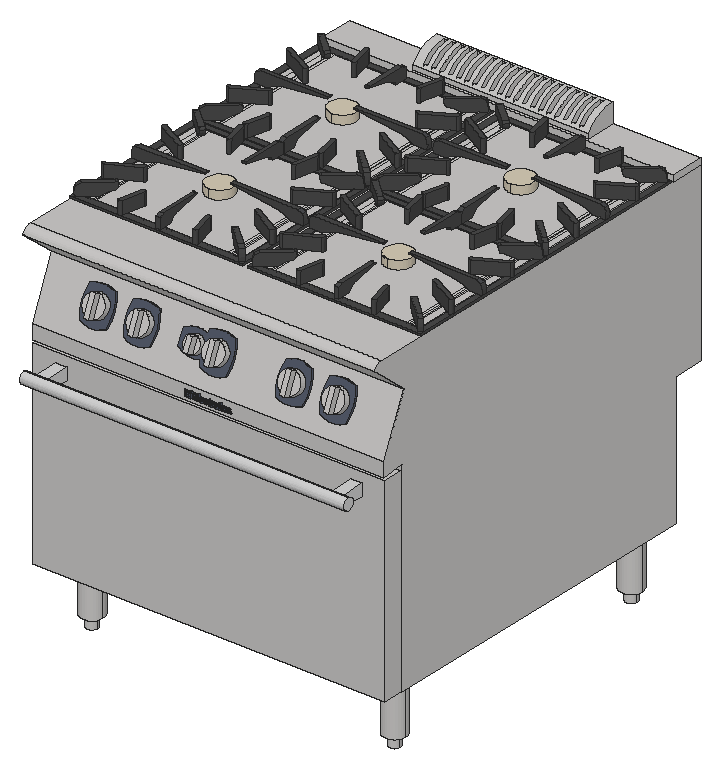
Revit family "QF_ELECTROLUXPROFESSIONAL_391007_E9GCGH4CVL", category Specialty Equipment, Revit 2018
Family settings
  Round Connector Dimension = Use Diameter
  Part Type = Normal
  Work Plane-Based = No
  Always vertical = Yes
  Cut with Voids When Loaded = No
  Shared = No
  Room Calculation Point = No
Parameters
  Weight in Pounds = 115
  Watts = 0 W
  Volts = 230 V
  URL Cutsheet = "www.electrolux.com"
  URL = "www.electrolux.com"
  Type Mark [instance] = ""
  Status [instance] = ""
  Specification by User [instance] = ""
  Specification by Manufacturer = ""
  Show Logo [instance] = yes
  Show Clearance [instance] = yes
  Serial Number = ""
  Seismic Rating = ""
  SMACNA No = ""
  Revision Code [instance] = ""
  Phase = 1
  Omniclass Number and Title = ""
  Number of Poles [instance] = 1
  NAFEM Spec ID Number = ""
  Model = "391007"
  Min Ckt Ampacity = 0 A
  Mechanical Remarks [instance] = ""
  Mechanical Connection Type [instance] = ""
  Max Overcurrent Protection = 0 A
  Masterspec = ""
  Manufacturer = "ELECTROLUX"
  Item Number [instance] = ""
  Installed By [instance] = ""
  Identify Quantity as Lot [instance] = yes
  HP = "0.3 HP"
  Gas Size = 1/2"
  Gas RI Height [instance] = 0 mm
  Gas KW [instance] = 34.5
  Gas Input [instance] = 117611.0 Btu/h
  Gas Connection Height = 0 mm
  Furnished By [instance] = ""
  Foodservice Equipment Identifier [instance] = yes
  FL Amps = Watts / Volts  # 0 A
  Electrical Remarks [instance] = ""
  Electric Connection Type [instance] = ""
  Elec Conn RI Height [instance] = 0 mm
  Elec Conn Connection Height [instance] = 0 mm
  Direct Waste Size = 0"
  Description = "900XP 4 GAS BURNERS 6kW ON CONVECTION OVEN"
  Cycle = 50 Hz
  Conn Plug = ""
  Conn Conduit = yes
  CSI MasterFormat = ""
  CSI Master Format = ""
  Apparent Power = if(Phase = 3, Volts * FL Amps * 1.73, Volts * FL Amps)  # 0 VA
Reference planes
  plane 1 "BACK": y = 0
  plane 2: z = 0
  plane 3 "LEFT": x = 0
  plane 4 "RIGHT": x = 800.1
  plane 5 "FRONT": y = -930.275
  plane 6 "TOP": z = 908.05
  plane 7 "Center Y": x = 400.05
  plane 8 "Center X": y = -465.137
  plane 9: z = 150
  plane 10: z = 1397
  plane 11: y = -80.962
  plane 12: z = 850
  plane 13: y = -128
  plane 14: y = -802
  plane 15: y = -1306
  plane 16: y = -900
  plane 17: x = 552.1
  plane 18: x = 757.1
  plane 19: x = 56
  plane 20: x = 744.1
Forms (mm)
  Extrusion 1, solid, material "QF_Finishes_Stainless Steel"
    sketch origin (0, 0, 0) x (0, 1, 0) y (0, 0, 1)
      loop
        line (0, 450.037) -> (0, 850) -> (-908.015, 850)
        arc (-908.015, 850) -> (-920.592, 845.932) -> (-928.404, 835.268) r 21.476
        line (-928.404, 835.268) -> (-846.681, 765.933) -> (-902.478, 640.576) -> (-902.478, 609.279) -> (-855.054, 613.975)
        arc (-855.054, 613.975) -> (-852.529, 613.227) -> (-851.437, 610.831) r 3.175
        line (-851.437, 610.831) -> (-851.437, 150) -> (-71.438, 150) -> (-71.438, 450.037) -> (0, 450.037)
    from 0 to 800.1
  Extrusion 2, solid, material "QF_Finishes_Stainless Steel"
    sketch origin (0, 0, 0) x (0, 1, 0) y (0, 0, 1)
      loop
        line (0, 850) -> (0, 864.288) -> (-76.2, 864.288) -> (-76.2, 850) -> (0, 850)
    from 0 to 800.1
  Extrusion 3, void
    sketch origin (-65.011, 0, 865.138) x (-1, 0, 0) y (0, -1, 0)
      loop
        line (-295.005, 6.761) -> (-285.709, 6.761) -> (-285.709, 63.911) -> (-295.005, 63.911) -> (-295.005, 6.761)
      loop
        line (-313.697, 6.761) -> (-304.401, 6.761) -> (-304.401, 63.911) -> (-313.697, 63.911) -> (-313.697, 6.761)
      loop
        line (-332.39, 6.761) -> (-323.094, 6.761) -> (-323.094, 63.911) -> (-332.39, 63.911) -> (-332.39, 6.761)
      loop
        line (-351.082, 6.761) -> (-341.787, 6.761) -> (-341.787, 63.911) -> (-351.082, 63.911) -> (-351.082, 6.761)
      loop
        line (-369.775, 6.761) -> (-360.479, 6.761) -> (-360.479, 63.911) -> (-369.775, 63.911) -> (-369.775, 6.761)
      loop
        line (-388.468, 6.761) -> (-379.172, 6.761) -> (-379.172, 63.911) -> (-388.468, 63.911) -> (-388.468, 6.761)
      loop
        line (-407.16, 6.761) -> (-397.864, 6.761) -> (-397.864, 63.911) -> (-407.16, 63.911) -> (-407.16, 6.761)
      loop
        line (-425.853, 6.761) -> (-416.557, 6.761) -> (-416.557, 63.911) -> (-425.853, 63.911) -> (-425.853, 6.761)
      loop
        line (-444.545, 6.761) -> (-435.25, 6.761) -> (-435.25, 63.911) -> (-444.545, 63.911) -> (-444.545, 6.761)
      loop
        line (-463.238, 6.761) -> (-453.942, 6.761) -> (-453.942, 63.911) -> (-463.238, 63.911) -> (-463.238, 6.761)
      loop
        line (-481.931, 6.761) -> (-472.635, 6.761) -> (-472.635, 63.911) -> (-481.931, 63.911) -> (-481.931, 6.761)
      loop
        line (-500.623, 6.761) -> (-491.328, 6.761) -> (-491.328, 63.911) -> (-500.623, 63.911) -> (-500.623, 6.761)
      loop
        line (-519.316, 6.761) -> (-510.02, 6.761) -> (-510.02, 63.911) -> (-519.316, 63.911) -> (-519.316, 6.761)
      loop
        line (-538.008, 6.761) -> (-528.713, 6.761) -> (-528.713, 63.911) -> (-538.008, 63.911) -> (-538.008, 6.761)
      loop
        line (-556.701, 6.761) -> (-547.405, 6.761) -> (-547.405, 63.911) -> (-556.701, 63.911) -> (-556.701, 6.761)
      loop
        line (-575.394, 6.761) -> (-566.098, 6.761) -> (-566.098, 63.911) -> (-575.394, 63.911) -> (-575.394, 6.761)
      loop
        line (-594.086, 6.761) -> (-584.791, 6.761) -> (-584.791, 63.911) -> (-594.086, 63.911) -> (-594.086, 6.761)
      loop
        line (-612.779, 6.761) -> (-603.483, 6.761) -> (-603.483, 63.911) -> (-612.779, 63.911) -> (-612.779, 6.761)
      loop
        line (-631.472, 6.761) -> (-622.176, 6.761) -> (-622.176, 63.911) -> (-631.472, 63.911) -> (-631.472, 6.761)
      loop
        line (-650.164, 6.761) -> (-640.868, 6.761) -> (-640.868, 63.911) -> (-650.164, 63.911) -> (-650.164, 6.761)
    from 9.525 to 45.348
  Extrusion 4, solid, material "QF_Finishes_Stainless Steel"
    sketch origin (400.05, 175.397, 1219.2) x (0, 1, 0) y (0, 0, 1)
      loop
        line (-175.397, -354.912) -> (-175.397, -311.2)
        arc (-175.397, -311.2) -> (-214.469, -319.821) -> (-245.247, -345.387) r 84.854
        line (-245.247, -345.387) -> (-245.247, -354.912) -> (-175.397, -354.912)
    from -200.05 to 199.95
  Extrusion 5, solid, material "QF_Finishes_Navy Blue"
    sketch origin (0, -879.281, 692.691) x (0, -0.406642, -0.913587) y (1, 0, 0)
      loop
        arc (-53.776, 198.214) -> (-18.194, 190.589) -> (17.514, 197.596) r 90.5
        arc (17.514, 197.596) -> (24.34, 226.784) -> (17.514, 255.972) r 65.817
        arc (17.514, 255.972) -> (-18.193, 262.932) -> (-53.776, 255.359) r 91.066
        arc (-53.776, 255.359) -> (-60.332, 226.786) -> (-53.776, 198.214) r 65.546
      loop
        arc (-53.776, 98.214) -> (-18.194, 90.589) -> (17.514, 97.596) r 90.5
        arc (17.514, 97.596) -> (24.34, 126.784) -> (17.514, 155.972) r 65.817
        arc (17.514, 155.972) -> (-18.193, 162.932) -> (-53.776, 155.359) r 91.066
        arc (-53.776, 155.359) -> (-60.332, 126.786) -> (-53.776, 98.214) r 65.546
      loop
        arc (-53.776, 601.786) -> (-60.332, 573.214) -> (-53.776, 544.641) r 65.546
        arc (-53.776, 544.641) -> (-18.193, 537.068) -> (17.514, 544.028) r 91.066
        arc (17.514, 544.028) -> (24.34, 573.216) -> (17.514, 602.404) r 65.817
        arc (17.514, 602.404) -> (-18.194, 609.411) -> (-53.776, 601.786) r 90.5
      loop
        arc (-53.776, 701.786) -> (-60.332, 673.214) -> (-53.776, 644.641) r 65.546
        arc (-53.776, 644.641) -> (-18.193, 637.068) -> (17.514, 644.028) r 91.066
        arc (17.514, 644.028) -> (24.34, 673.216) -> (17.514, 702.404) r 65.817
        arc (17.514, 702.404) -> (-18.194, 709.411) -> (-53.776, 701.786) r 90.5
      loop
        arc (-40.159, 316.707) -> (-21.848, 313.911) -> (-3.351, 314.901) r 90.5
        arc (-3.351, 314.901) -> (6.915, 339.94) -> (6.238, 366.994) r 65.817
        arc (6.238, 366.994) -> (11.94, 368.741) -> (17.514, 370.86) r 90.5
        arc (17.514, 370.86) -> (24.34, 400.048) -> (17.514, 429.235) r 65.817
        arc (17.514, 429.235) -> (-18.193, 436.195) -> (-53.776, 428.623) r 91.066
        arc (-53.776, 428.623) -> (-60.332, 400.05) -> (-53.776, 371.477) r 65.546
        arc (-53.776, 371.477) -> (-49.379, 369.684) -> (-44.894, 368.124) r 90.5
        arc (-44.894, 368.124) -> (-47.802, 341.929) -> (-40.159, 316.707) r 65.546
    from 0 to 3.175
  Extrusion 6, solid, material "QF_Finishes_Stainless Steel"
    sketch origin (0, -882.182, 693.982) x (0, -0.406642, -0.913587) y (1, 0, 0)
      loop
        circle (-18.131, 227.457) r 25.4
      loop
        circle (-18.131, 127.457) r 25.4
      loop
        circle (-18.131, 572.543) r 25.4
      loop
        circle (-18.131, 672.543) r 25.4
      loop
        circle (-18.131, 349.957) r 19.05
      loop
        circle (-18.131, 400.05) r 25.4
    from 0 to 12.7
  Extrusion 7, solid, material "QF_Finishes_Stainless Steel"
    sketch origin (0, -893.785, 699.146) x (0, -0.406642, -0.913587) y (1, 0, 0)
      loop
        arc (-42.863, 233.243) -> (-43.531, 227.457) -> (-42.863, 221.671) r 25.4
        line (-42.863, 221.671) -> (6.601, 221.671)
        arc (6.601, 221.671) -> (7.269, 227.457) -> (6.601, 233.243) r 25.4
        line (6.601, 233.243) -> (-42.863, 233.243)
      loop
        arc (-42.863, 133.243) -> (-43.531, 127.457) -> (-42.863, 121.671) r 25.4
        line (-42.863, 121.671) -> (6.601, 121.671)
        arc (6.601, 121.671) -> (7.269, 127.457) -> (6.601, 133.243) r 25.4
        line (6.601, 133.243) -> (-42.863, 133.243)
      loop
        arc (-34.426, 356.459) -> (-35.24, 350.69) -> (-34.719, 344.887) r 25.4
        line (-34.719, 344.887) -> (-2.956, 344.887)
        arc (-2.956, 344.887) -> (-2.067, 350.647) -> (-2.515, 356.459) r 25.4
        line (-2.515, 356.459) -> (-34.426, 356.459)
      loop
        arc (-42.863, 579.675) -> (-43.531, 573.889) -> (-42.863, 568.102) r 25.4
        line (-42.863, 568.102) -> (6.601, 568.102)
        arc (6.601, 568.102) -> (7.269, 573.889) -> (6.601, 579.675) r 25.4
        line (6.601, 579.675) -> (-42.863, 579.675)
      loop
        arc (-42.863, 679.675) -> (-43.531, 673.889) -> (-42.863, 668.102) r 25.4
        line (-42.863, 668.102) -> (6.601, 668.102)
        arc (6.601, 668.102) -> (7.269, 673.889) -> (6.601, 679.675) r 25.4
        line (6.601, 679.675) -> (-42.863, 679.675)
      loop
        arc (-42.863, 405.836) -> (-43.531, 400.05) -> (-42.863, 394.264) r 25.4
        line (-42.863, 394.264) -> (6.601, 394.264)
        arc (6.601, 394.264) -> (7.269, 400.05) -> (6.601, 405.836) r 25.4
        line (6.601, 405.836) -> (-42.863, 405.836)
    from 0 to 12.7
  Extrusion 8, solid, material "QF_Finishes_Navy Blue", visible <- "Show Logo"
    sketch origin (0, -902.478, 609.279) x (0, 0, 1) y (-1, 0, 0)
      loop
        line (21.268, -357.807) -> (8.901, -357.807)
        arc (8.901, -357.807) -> (15.085, -362.379) -> (21.268, -357.807) r 6.467
      loop
        arc (21.268, -357.178) -> (20.099, -352.035) -> (15.443, -349.557) r 6.338
        line (15.443, -349.557) -> (15.443, -351.603)
        arc (15.443, -351.603) -> (16.927, -355.258) -> (20.372, -357.178) r 5.941
        line (20.372, -357.178) -> (21.268, -357.178)
      loop
        arc (9.797, -357.178) -> (13.242, -355.258) -> (14.726, -351.603) r 5.941
        line (14.726, -351.603) -> (14.726, -349.557)
        arc (14.726, -349.557) -> (10.032, -352.031) -> (8.742, -357.178) r 6.504
        line (8.742, -357.178) -> (9.797, -357.178)
      loop
        line (21.943, -349.088) -> (8.198, -349.088) -> (8.198, -362.851) -> (21.943, -362.851) -> (21.943, -349.088)
      loop
        arc (22.026, -365.819) -> (21.679, -365.461) -> (21.312, -365.799) r 0.358
        arc (21.312, -365.799) -> (20.997, -366.549) -> (20.281, -366.934) r 1.216
        line (20.281, -366.934) -> (9.868, -366.934)
        arc (9.868, -366.934) -> (9.208, -366.657) -> (8.812, -366.06) r 1.238
        arc (8.812, -366.06) -> (8.417, -365.809) -> (8.112, -366.163) r 0.358
        line (8.112, -366.163) -> (8.112, -376.042) -> (10.863, -376.042) -> (10.863, -375.145)
        arc (10.863, -375.145) -> (9.954, -374.565) -> (9.498, -373.588) r 1.928
        line (9.498, -373.588) -> (9.498, -371.089)
        arc (9.498, -371.089) -> (9.774, -370.36) -> (10.462, -369.996) r 1.101
        line (10.462, -369.996) -> (14.549, -369.996) -> (14.549, -373.67)
        arc (14.549, -373.67) -> (14.196, -374.167) -> (13.631, -374.395) r 1.083
        arc (13.631, -374.395) -> (13.367, -374.7) -> (13.659, -374.978) r 0.292
        line (13.659, -374.978) -> (16.621, -374.978)
        arc (16.621, -374.978) -> (16.924, -374.705) -> (16.686, -374.375) r 0.305
        arc (16.686, -374.375) -> (16.195, -374.127) -> (15.89, -373.67) r 1.083
        line (15.89, -373.67) -> (15.89, -369.996) -> (20.567, -369.996) -> (20.567, -373.744)
        arc (20.567, -373.744) -> (20.353, -374.499) -> (19.747, -374.997) r 1.314
        arc (19.747, -374.997) -> (19.527, -375.401) -> (19.882, -375.694) r 0.361
        line (19.882, -375.694) -> (22.026, -375.694) -> (22.026, -365.819)
      loop
        arc (21.309, -376.474) -> (20.928, -377.393) -> (20.01, -377.773) r 1.299
        line (20.01, -377.773) -> (10.431, -377.773)
        arc (10.431, -377.773) -> (9.593, -377.395) -> (9.321, -376.517) r 1.118
        line (9.321, -376.517) -> (8.112, -376.517) -> (8.112, -381.867) -> (9.3, -381.867)
        arc (9.3, -381.867) -> (9.572, -380.95) -> (10.442, -380.554) r 1.153
        line (10.442, -380.554) -> (22.514, -380.554) -> (21.309, -376.474)
      loop
        line (13.077, -384.503) -> (13.077, -390.951) -> (13.876, -390.951)
        arc (13.876, -390.951) -> (16.456, -389.966) -> (17.725, -387.513) r 3.874
        line (17.725, -387.513) -> (17.725, -385.752)
        arc (17.725, -385.752) -> (16.538, -382.887) -> (13.674, -381.701) r 4.051
        line (13.674, -381.701) -> (11.666, -381.701)
        arc (11.666, -381.701) -> (8.847, -383.186) -> (7.795, -386.193) r 4.352
        arc (7.795, -386.193) -> (8.16, -388.656) -> (9.537, -390.73) r 5.713
        line (9.537, -390.73) -> (10.486, -390.73)
        arc (10.486, -390.73) -> (9.754, -389.161) -> (9.537, -387.443) r 5.579
        arc (9.537, -387.443) -> (10.331, -385.48) -> (12.21, -384.503) r 3.057
        line (12.21, -384.503) -> (13.077, -384.503)
      loop
        line (14.336, -384.503) -> (14.336, -388.085)
        arc (14.336, -388.085) -> (15.793, -388.133) -> (16.676, -386.973) r 1.59
        line (16.676, -386.973) -> (16.676, -386.143)
        arc (16.676, -386.143) -> (15.811, -384.888) -> (14.336, -384.503) r 2.184
      loop
        arc (17.127, -400.368) -> (17.616, -398.694) -> (17.773, -396.957) r 9.023
        line (17.773, -396.957) -> (17.773, -395.595)
        arc (17.773, -395.595) -> (16.614, -392.795) -> (13.814, -391.636) r 3.959
        line (13.814, -391.636) -> (11.214, -391.636)
        arc (11.214, -391.636) -> (8.932, -392.928) -> (7.815, -395.301) r 4.331
        line (7.815, -395.301) -> (7.815, -397.436)
        arc (7.815, -397.436) -> (8.323, -398.986) -> (9.245, -400.332) r 5.772
        arc (9.245, -400.332) -> (10.006, -400.383) -> (10.093, -399.624) r 0.553
        arc (10.093, -399.624) -> (9.705, -398.89) -> (9.571, -398.071) r 2.573
        line (9.571, -398.071) -> (9.571, -396.556)
        arc (9.571, -396.556) -> (10.577, -394.915) -> (12.392, -394.272) r 2.884
        line (12.392, -394.272) -> (13.67, -394.272)
        arc (13.67, -394.272) -> (15.492, -394.832) -> (16.418, -396.497) r 2.554
        line (16.418, -396.497) -> (16.418, -397.55)
        arc (16.418, -397.55) -> (16.087, -398.478) -> (15.43, -399.213) r 2.564
        arc (15.43, -399.213) -> (15.208, -399.93) -> (15.817, -400.368) r 0.643
        line (15.817, -400.368) -> (17.127, -400.368)
      loop
        line (16.109, -400.638) -> (16.109, -402.139) -> (10.061, -402.139)
        arc (10.061, -402.139) -> (8.473, -402.797) -> (7.815, -404.385) r 2.246
        line (7.815, -404.385) -> (7.815, -405.969)
        arc (7.815, -405.969) -> (8.129, -406.834) -> (8.629, -407.605) r 4.06
        arc (8.629, -407.605) -> (9.362, -407.738) -> (9.613, -407.037) r 0.576
        arc (9.613, -407.037) -> (9.507, -406.512) -> (9.571, -405.979) r 1.69
        arc (9.571, -405.979) -> (10.113, -405.191) -> (11.019, -404.888) r 1.506
        line (11.019, -404.888) -> (16.157, -404.888) -> (16.157, -407.285) -> (16.713, -407.842) -> (17.535, -407.842) -> (17.535, -404.982) -> (20.766, -404.982) -> (16.109, -400.638)
      loop
        line (8.032, -408.739) -> (8.032, -414.126) -> (9.142, -414.126)
        arc (9.142, -414.126) -> (9.536, -413.175) -> (10.487, -412.781) r 1.345
        line (10.487, -412.781) -> (14.103, -412.781)
        arc (14.103, -412.781) -> (14.868, -413.373) -> (15.157, -414.295) r 1.615
        line (15.157, -414.295) -> (15.157, -415.851) -> (17.713, -416.536) -> (17.713, -415.153) -> (15.771, -412.594) -> (17.651, -412.594) -> (17.367, -409.888)
        arc (17.367, -409.888) -> (16.927, -409.358) -> (16.268, -409.559) r 0.621
        arc (16.268, -409.559) -> (15.868, -409.901) -> (15.374, -410.084) r 1.501
        line (15.374, -410.084) -> (10.487, -410.084)
        arc (10.487, -410.084) -> (9.536, -409.69) -> (9.142, -408.739) r 1.345
        line (9.142, -408.739) -> (8.032, -408.739)
      loop
        line (14.134, -416.073) -> (11.442, -416.073)
        arc (11.442, -416.073) -> (8.996, -417.381) -> (7.863, -419.912) r 4.288
        arc (7.863, -419.912) -> (7.799, -421.292) -> (7.863, -422.672) r 15.022
        arc (7.863, -422.672) -> (8.996, -425.203) -> (11.442, -426.51) r 4.288
        line (11.442, -426.51) -> (14.134, -426.51)
        arc (14.134, -426.51) -> (16.579, -425.203) -> (17.713, -422.672) r 4.288
        arc (17.713, -422.672) -> (17.777, -421.292) -> (17.713, -419.912) r 15.022
        arc (17.713, -419.912) -> (16.579, -417.381) -> (14.134, -416.073) r 4.288
      loop
        line (14.339, -419.187) -> (11.237, -419.187)
        arc (11.237, -419.187) -> (9.08, -421.344) -> (11.237, -423.501) r 2.157
        line (11.237, -423.501) -> (14.339, -423.501)
        arc (14.339, -423.501) -> (16.496, -421.344) -> (14.339, -419.187) r 2.157
      loop
        arc (21.32, -426.369) -> (20.949, -427.263) -> (20.055, -427.633) r 1.264
        line (20.055, -427.633) -> (10.191, -427.633)
        arc (10.191, -427.633) -> (9.321, -427.236) -> (9.049, -426.32) r 1.153
        line (9.049, -426.32) -> (8.112, -426.32) -> (8.112, -431.428) -> (9.04, -431.428)
        arc (9.04, -431.428) -> (9.399, -430.656) -> (10.191, -430.341) r 1.153
        line (10.191, -430.341) -> (22.514, -430.341) -> (21.32, -426.369)
      loop
        arc (16.44, -430.966) -> (16.241, -432.03) -> (15.272, -432.512) r 1.215
        line (15.272, -432.512) -> (10.252, -432.512)
        arc (10.252, -432.512) -> (8.637, -433.16) -> (7.916, -434.743) r 2.338
        line (7.916, -434.743) -> (7.916, -436.257)
        arc (7.916, -436.257) -> (8.091, -437.261) -> (8.593, -438.147) r 2.979
        line (8.593, -438.147) -> (8.112, -439.944) -> (8.112, -441.633) -> (17.537, -441.633) -> (17.243, -437.429) -> (16.457, -437.429)
        arc (16.457, -437.429) -> (16.101, -438.265) -> (15.349, -438.774) r 1.605
        line (15.349, -438.774) -> (10.246, -438.774)
        arc (10.246, -438.774) -> (9.826, -437.837) -> (9.753, -436.813) r 2.94
        arc (9.753, -436.813) -> (10.314, -435.712) -> (11.467, -435.269) r 1.724
        line (11.467, -435.269) -> (17.664, -435.269) -> (16.44, -430.966)
      loop
        line (17.468, -442.486) -> (15.796, -444.532) -> (12.622, -446.838) -> (9.166, -443.726)
        arc (9.166, -443.726) -> (8.928, -443.332) -> (8.951, -442.873) r 0.789
        line (8.951, -442.873) -> (8.112, -442.873) -> (8.112, -446.418) -> (8.938, -446.418)
        arc (8.938, -446.418) -> (9.28, -446.056) -> (9.77, -446.148) r 0.52
        line (9.77, -446.148) -> (11.57, -447.619) -> (9.452, -448.995)
        arc (9.452, -448.995) -> (9.051, -448.685) -> (8.964, -448.185) r 0.7
        line (8.964, -448.185) -> (8.112, -448.185) -> (8.112, -454.112) -> (8.998, -454.112)
        arc (8.998, -454.112) -> (9.065, -453.453) -> (9.46, -452.922) r 1.247
        line (9.46, -452.922) -> (13.66, -449.641) -> (16.107, -451.694) -> (17.468, -453.436) -> (17.468, -449.713) -> (15.983, -450.135) -> (14.462, -448.858) -> (16.162, -447.668) -> (17.468, -448.445) -> (17.468, -442.486)
    from 0 to 1.644
  Extrusion 9, solid, material "QF_Finishes_Stainless Steel"
    sketch origin (0, -851.437, 610.831) x (0, 0, -1) y (1, 0, 0)
      loop
        line (460.056, 0) -> (460.056, 800) -> (9.61, 800) -> (9.61, 0) -> (460.056, 0)
    from 3.175 to 48.563
  Extrusion 10, solid, material "QF_Door-Drawer Clearances", visible <- "Show Clearance", detail levels coarse
    sketch origin (800, -851.437, 150.775) x (0, 0, 1) y (0, -1, 0)
      loop
        line (0, 451.998) -> (0, 48.563) -> (450.635, 48.563)
        arc (450.635, 48.563) -> (304.414, 338.631) -> (0, 451.998) r 444.92
    from 0 to -800
  Extrusion 11, solid, material "QF_Finishes_Stainless Steel"
    sketch origin (0, 0, 450.037) x (-1, 0, 0) y (0, 1, 0)
      loop
        circle (-757.1, -30) r 6.4
    from 0 to 43.224
  Extrusion 12, solid, material "QF_Clearances", visible <- "Show Clearance", detail levels coarse
    sketch origin (0, 0, 0) x (1, 0, 0) y (0, 1, 0)
      loop
        line (-100.013, -930.275) -> (0, -930.275) -> (0, 0) -> (800.1, 0) -> (800.1, -930.275) -> (900.113, -930.275) -> (900.113, 100.013) -> (-100.013, 100.013) -> (-100.013, -930.275)
    from 0 to 908.05
  Revolve 13, solid, material "QF_Finishes_Stainless Steel"
    sketch origin (800.1, -128, 611.731) x (0, 0, -1) y (1, 0, 0)
      loop
        line (461.731, -55.562) -> (611.731, -55.562) -> (611.731, -42.862) -> (586.331, -42.862) -> (586.331, -30.162) -> (461.731, -30.162) -> (461.731, -55.562)
      axis (611.731, -55.562) -> (461.731, -55.562)
    angle from 0 to 360
  Revolve 14, solid, material "QF_Finishes_Stainless Steel"
    sketch origin (111.125, -128, 611.731) x (0, 0, -1) y (1, 0, 0)
      loop
        line (461.731, -55.562) -> (611.731, -55.562) -> (611.731, -42.862) -> (586.331, -42.862) -> (586.331, -30.162) -> (461.731, -30.162) -> (461.731, -55.562)
      axis (611.731, -55.562) -> (461.731, -55.562)
    angle from 0 to 360
  Revolve 15, solid, material "QF_Finishes_Stainless Steel"
    sketch origin (800.1, -802, 611.731) x (0, 0, -1) y (1, 0, 0)
      loop
        line (461.731, -55.562) -> (611.731, -55.562) -> (611.731, -42.862) -> (586.331, -42.862) -> (586.331, -30.162) -> (461.731, -30.162) -> (461.731, -55.562)
      axis (611.731, -55.562) -> (461.731, -55.562)
    angle from 0 to 360
  Revolve 16, solid, material "QF_Finishes_Stainless Steel"
    sketch origin (111.125, -802, 611.731) x (0, 0, -1) y (1, 0, 0)
      loop
        line (461.731, -55.562) -> (611.731, -55.562) -> (611.731, -42.862) -> (586.331, -42.862) -> (586.331, -30.162) -> (461.731, -30.162) -> (461.731, -55.562)
      axis (611.731, -55.562) -> (461.731, -55.562)
    angle from 0 to 360
  Extrusion 17, solid, material "QF_Finishes_Handrails and Railings"
    sketch origin (50.8, -1067.312, 150) x (0, 0, 1) y (0, 1, 0)
      loop
        circle (420.409, 103.146) r 12.7
    from 19.875 to -718.375
  Extrusion 18, solid, material "QF_Finishes_Handrails and Railings"
    sketch origin (800, -1067.312, 150) x (0, 0, 1) y (0, -1, 0)
      loop
        line (429.101, -167.312) -> (426.396, -114.347)
        arc (426.396, -114.347) -> (412.589, -113.153) -> (408.093, -100.044) r 12.7
        arc (408.093, -100.044) -> (407.276, -100.585) -> (406.501, -101.183) r 13.441
        arc (406.501, -101.183) -> (405.055, -102.989) -> (404.435, -105.216) r 5.77
        line (404.435, -105.216) -> (401.092, -167.312) -> (429.101, -167.312)
    from -50.7 to -76.1
  Extrusion 19, solid, material "QF_Finishes_Handrails and Railings"
    sketch origin (0.1, -1067.312, 150) x (0, 0, 1) y (0, 1, 0)
      loop
        line (429.101, 167.312) -> (401.092, 167.312) -> (404.435, 105.216)
        arc (404.435, 105.216) -> (405.055, 102.989) -> (406.501, 101.183) r 5.77
        arc (406.501, 101.183) -> (407.276, 100.585) -> (408.093, 100.044) r 13.441
        arc (408.093, 100.044) -> (412.589, 113.153) -> (426.396, 114.347) r 12.7
        line (426.396, 114.347) -> (429.101, 167.312)
    from -50.7 to -76.1
  Extrusion 20, solid, material "QF_Finishes_Stainless Steel"
    sketch origin (0, -71.438, 450.037) x (0, 0, -1) y (-1, 0, 0)
      loop
        line (1.273, -216.311) -> (1.273, -583.689) -> (125.038, -583.689) -> (125.038, -216.311) -> (1.273, -216.311)
    from 0 to 69
  Extrusion 21, solid, material "QF_Finishes_Stainless Steel"
    sketch origin (0, -71.438, 450.037) x (0, 0, -1) y (-1, 0, 0)
      loop
        circle (258.038, -757.1) r 6.4
    from 0 to 3.2
  Extrusion 22, solid, material "QF_Finishes_Stainless Steel"
    sketch origin (0, -851.437, 150) x (1, 0, 0) y (0, -1, 0)
      loop
        circle (757.1, -277.437) r 6.4
    from 0 to 3.2
  Extrusion 23, solid, material "QF_Finishes_Stainless Steel"
    sketch origin (0, -71.438, 325) x (0, -1, 0) y (-1, 0, 0)
      loop
        circle (-41.437, -552.1) r 6.35
    from 0 to 5
  Extrusion 24, solid, material "QF_Finishes_Stainless Steel"
    sketch origin (0, -71.438, 450.037) x (0, 0, -1) y (-1, 0, 0)
      loop
        circle (140.038, -552.1) r 6.4
    from 0 to 12.437
Cuts and joins
  Extrusion 3 cuts Extrusion 4
Lines and regions (mm)
  Split face 1
    outline origin (0, -846.681, 765.933) x (0, -0.406642, -0.913587) y (1, 0, 0)
      loop
        line (41.496, 272.231) -> (81.496, 272.231) -> (81.496, 297.231) -> (41.496, 297.231) -> (41.496, 272.231)
  Split face 2
    outline origin (0, -846.681, 765.933) x (0, -0.406642, -0.913587) y (1, 0, 0)
      loop
        line (77.496, 293.231) -> (45.496, 293.231) -> (45.496, 276.231) -> (77.496, 276.231) -> (77.496, 293.231)
  symbolic lines, style "QF_Clearances", visible <- "Show Clearance", detail levels coarse
    curve 1: line (-100.013, -930.275, 0) -> (-100.012, 100.013, 0)
    curve 2: line (-100.013, 100.013, 0) -> (900.113, 100.013, 0)
    curve 3: line (900.113, 100.013, 0) -> (900.113, -929.879, 0)
  symbolic lines
    curve 4: line (0, 0, 0) -> (800.1, 0, 0)
    curve 5: line (800.1, 0, 0) -> (800.1, -930.275, 0)
    curve 6: line (0, -930.275, 0) -> (0, 0, 0)
    curve 7: line (0, -76.2, 0) -> (800.1, -76.2, 0)
    curve 8: line (0, -930.275, 0) -> (800.1, -930.275, 0)
    curve 12: line (769.175, -963.381, 0) -> (30.925, -963.381, 0)
    curve 13: line (30.925, -963.381, 0) -> (30.925, -937.981, 0)
    curve 14: line (769.175, -963.381, 0) -> (769.175, -937.981, 0)
    curve 15: line (769.175, -937.981, 0) -> (749.3, -937.981, 0)
    curve 16: line (749.3, -953.783, 0) -> (749.3, -930.275, 0)
    curve 17: line (723.9, -953.783, 0) -> (723.9, -930.275, 0)
    curve 18: line (723.9, -937.981, 0) -> (76.2, -937.981, 0)
    curve 19: line (30.925, -937.981, 0) -> (50.8, -937.981, 0)
    curve 20: line (50.8, -930.275, 0) -> (50.8, -953.783, 0)
    curve 21: line (50.8, -953.783, 0) -> (76.2, -953.783, 0)
    curve 22: line (76.2, -953.783, 0) -> (76.2, -930.275, 0)
    curve 23: line (749.3, -953.783, 0) -> (723.9, -953.783, 0)
  symbolic lines, style "QF_Door-Drawer Clearances"
    curve 9: line (0, -930.275, 0) -> (0, -1306, 0)
    curve 10: line (0, -1306, 0) -> (800.1, -1306, 0)
    curve 11: line (800.1, -1306, 0) -> (800.1, -930.275, 0)
Dimensions and locks
  equal spacing: plane 3 "LEFT", plane 7 "Center Y", plane 4 "RIGHT"
  plane 3 "LEFT" to plane 4 "RIGHT" = 800.1 mm
  equal spacing: plane 5 "FRONT", plane 8 "Center X", plane 1 "BACK"
  plane 5 "FRONT" to plane 1 "BACK" = 930.275 mm  (x3)
  plane 6 "TOP" to plane 2 = 908.05 mm
  plane 9 to plane 2 = 150 mm
  plane 10 to plane 2 = 1397 mm
  plane 6 "TOP" to plane 12 = 58.05 mm  (x2)
  plane 12 to plane 2 = 850 mm  (x2)
  plane 13 to plane 1 "BACK" = 128 mm
  plane 14 to plane 13 = 674 mm
  Extrusion 1 sketch curve to plane 1 "BACK" = 71.438 mm
  Extrusion 1 sketch curve to plane 9 = 300.037 mm
  Extrusion 11 sketch curve to plane 4 "RIGHT" = 43 mm
  Extrusion 11 sketch curve to plane 1 "BACK" = 30 mm
  Extrusion 11 to plane 2 = 406.813 mm
  plane 15 to plane 1 "BACK" = 1306 mm
  plane 16 to plane 1 "BACK" = 900 mm
  plane 16 to plane 14 = 98 mm
  plane 9 to Extrusion 1 = 300.037 mm
  Extrusion 20 to plane 2 = 325 mm
  plane 4 "RIGHT" to plane 17 = 248 mm
  plane 4 "RIGHT" to plane 18 = 43 mm
  plane 3 "LEFT" to plane 19 to plane 20 to plane 4 "RIGHT" = 56 mm, 688.1 mm, 56 mm
  aligned and locked: level to plane 2
  aligned and locked: Extrusion 1 to plane 4 "RIGHT"
  aligned and locked: Extrusion 2 to plane 4 "RIGHT"
  aligned and locked: Extrusion 10 to Extrusion 9
  aligned and locked: plane 6 "TOP" to Extrusion 12
Automatic sketch dimensions
  Extrusion 1 sketch curve to plane 12 = 0 mm
  Extrusion 1 sketch curve to plane 9 = 0 mm
  Extrusion 1 sketch curve to plane 1 "BACK" = 0 mm
  plane 14 to Extrusion 1 sketch curve = 44.681 mm
  plane 16 to Extrusion 1 sketch curve = 48.563 mm
  Extrusion 1 sketch curve to Extrusion 1 sketch curve = 3.175 mm
  Extrusion 1 sketch curve to Extrusion 1 sketch curve = 0.442 mm
  Extrusion 1 sketch curve to plane 16 = 2.478 mm
  Extrusion 1 sketch curve to plane 16 = 8.015 mm
  Extrusion 1 sketch curve to plane 5 "FRONT" = 1.871 mm
  Extrusion 1 sketch curve to plane 12 = 240.721 mm
  Extrusion 1 sketch curve to Extrusion 1 sketch curve = 1.552 mm
  Extrusion 1 sketch curve to Extrusion 1 sketch curve = 31.298 mm
  Extrusion 1 sketch curve to plane 12 = 84.067 mm
  Extrusion 1 sketch curve to Extrusion 1 sketch curve = 21.476 mm
  Extrusion 2 sketch curve to plane 12 = 0 mm
  Extrusion 2 sketch curve to plane 1 "BACK" = 0 mm
  plane 11 to Extrusion 2 sketch curve = 4.763 mm
  plane 12 to Extrusion 2 sketch curve = 14.288 mm
  plane 11 to Extrusion 3 sketch curve = 17.052 mm  (x19)
  Extrusion 3 sketch curve to Extrusion 3 sketch curve = 9.296 mm  (x20)
  Extrusion 3 sketch curve to Extrusion 3 sketch curve = 9.397 mm  (x18)
  plane 7 "Center Y" to Extrusion 3 sketch curve = 7.574 mm
  Extrusion 3 sketch curve to plane 7 "Center Y" = 1.823 mm
  Extrusion 3 sketch curve to Extrusion 3 sketch curve = 0 mm
  plane 1 "BACK" to Extrusion 3 sketch curve = 6.761 mm  (x20)
  Extrusion 4 sketch curve to plane 1 "BACK" = 0 mm
  plane 1 "BACK" to Extrusion 4 sketch curve = 1.769 mm
  plane 11 to Extrusion 4 sketch curve = 11.113 mm
  Extrusion 4 sketch curve to plane 12 = 26.835 mm
  plane 12 to Extrusion 4 sketch curve = 14.288 mm
  Extrusion 4 sketch curve to Extrusion 4 sketch curve = 9.525 mm
  Revolve 13 sketch curve to plane 9 = 0 mm
  Revolve 13 sketch curve to level = 0 mm
  Revolve 13 sketch curve to Revolve 13 sketch curve = 32.525 mm
  Revolve 13 sketch curve to Revolve 13 sketch curve = 50.8 mm
  level to Revolve 13 sketch curve = 25.4 mm
  Revolve 13 sketch curve to Revolve 13 sketch curve = 12.7 mm
  Revolve 13 sketch curve to Revolve 13 sketch curve = 25.4 mm
  Revolve 14 sketch curve to plane 9 = 0 mm
  Revolve 14 sketch curve to level = 0 mm
  Revolve 14 sketch curve to Revolve 14 sketch curve = 32.525 mm
  Revolve 14 sketch curve to Revolve 14 sketch curve = 50.8 mm
  level to Revolve 14 sketch curve = 25.4 mm
  Revolve 15 sketch curve to plane 9 = 0 mm
  Revolve 15 sketch curve to level = 0 mm
  Revolve 15 sketch curve to Revolve 15 sketch curve = 32.525 mm
  Revolve 15 sketch curve to Revolve 15 sketch curve = 50.8 mm
  level to Revolve 15 sketch curve = 25.4 mm
  Revolve 15 sketch curve to Revolve 15 sketch curve = 12.7 mm
  Revolve 15 sketch curve to Revolve 15 sketch curve = 25.4 mm
  Revolve 16 sketch curve to plane 9 = 0 mm
  Revolve 16 sketch curve to level = 0 mm
  Revolve 16 sketch curve to Revolve 16 sketch curve = 32.525 mm
  Revolve 16 sketch curve to Revolve 16 sketch curve = 50.8 mm
  level to Revolve 16 sketch curve = 25.4 mm
  Revolve 16 sketch curve to Revolve 16 sketch curve = 12.7 mm
  Revolve 16 sketch curve to Revolve 16 sketch curve = 25.4 mm
  Extrusion 18 sketch curve to plane 16 = 0 mm
  Extrusion 18 sketch curve to plane 12 = 298.908 mm
  plane 5 "FRONT" to Extrusion 18 sketch curve = 31.821 mm
  Extrusion 18 sketch curve to Extrusion 18 sketch curve = 3.343 mm
  Extrusion 18 sketch curve to Extrusion 18 sketch curve = 2.066 mm
  Extrusion 18 sketch curve to Extrusion 18 sketch curve = 0 mm  (x2)
  Extrusion 18 sketch curve to Extrusion 18 sketch curve = 1.593 mm
  Extrusion 18 sketch curve to Extrusion 18 sketch curve = 5.756 mm
  Extrusion 18 sketch curve to Extrusion 18 sketch curve = 4.906 mm
  Extrusion 18 sketch curve to Extrusion 18 sketch curve = 5.312 mm
  plane 5 "FRONT" to Extrusion 18 sketch curve = 22.691 mm
  Extrusion 18 sketch curve to Extrusion 18 sketch curve = 11.3 mm
  Extrusion 18 sketch curve to Extrusion 18 sketch curve = 28.009 mm
  Extrusion 18 sketch curve to Extrusion 18 sketch curve = 2.83 mm
  Extrusion 19 sketch curve to plane 16 = 0 mm
  Extrusion 19 sketch curve to plane 12 = 298.908 mm
  plane 5 "FRONT" to Extrusion 19 sketch curve = 31.821 mm
  Extrusion 19 sketch curve to Extrusion 19 sketch curve = 3.343 mm
  Extrusion 19 sketch curve to Extrusion 19 sketch curve = 2.066 mm
  Extrusion 19 sketch curve to Extrusion 19 sketch curve = 0 mm  (x2)
  Extrusion 19 sketch curve to Extrusion 19 sketch curve = 1.593 mm
  Extrusion 19 sketch curve to Extrusion 19 sketch curve = 3.69 mm
  Extrusion 19 sketch curve to Extrusion 19 sketch curve = 4.906 mm
  Extrusion 19 sketch curve to Extrusion 19 sketch curve = 5.312 mm
  plane 5 "FRONT" to Extrusion 19 sketch curve = 22.691 mm
  Extrusion 19 sketch curve to Extrusion 19 sketch curve = 11.3 mm
  Extrusion 19 sketch curve to Extrusion 19 sketch curve = 28.009 mm
  Extrusion 19 sketch curve to Extrusion 19 sketch curve = 11.2 mm
  Extrusion 8 sketch curve to Extrusion 1 = 2.755 mm
  Extrusion 8 sketch curve to Extrusion 1 = 7.795 mm
  Extrusion 8 sketch curve to Extrusion 1 = 7.815 mm  (x2)
  Extrusion 8 sketch curve to Extrusion 8 sketch curve = 5.108 mm  (x2)
  Extrusion 8 sketch curve to Extrusion 8 sketch curve = 0 mm  (x27)
  Extrusion 8 sketch curve to Extrusion 1 = 7.916 mm
  Extrusion 8 sketch curve to Extrusion 8 sketch curve = 0.218 mm
  Extrusion 8 sketch curve to Extrusion 8 sketch curve = 0.195 mm
  Extrusion 8 sketch curve to Extrusion 8 sketch curve = 0.249 mm
  Extrusion 8 sketch curve to Extrusion 1 = 8.112 mm
  Extrusion 8 sketch curve to Extrusion 8 sketch curve = 0.087 mm
  Extrusion 8 sketch curve to Extrusion 8 sketch curve = 0.358 mm
  Extrusion 8 sketch curve to Extrusion 8 sketch curve = 0.481 mm
  Extrusion 8 sketch curve to Extrusion 8 sketch curve = 0.597 mm
  Extrusion 8 sketch curve to Extrusion 8 sketch curve = 0.544 mm
  Extrusion 8 sketch curve to Extrusion 8 sketch curve = 0.936 mm
  Extrusion 8 sketch curve to Extrusion 8 sketch curve = 0.594 mm
  Extrusion 8 sketch curve to Extrusion 8 sketch curve = 0.343 mm
  Extrusion 8 sketch curve to Extrusion 8 sketch curve = 0.159 mm
  Extrusion 8 sketch curve to Extrusion 8 sketch curve = 0.826 mm
  Extrusion 8 sketch curve to Extrusion 8 sketch curve = 0.839 mm
  Extrusion 8 sketch curve to Extrusion 8 sketch curve = 0.852 mm
  Extrusion 8 sketch curve to Extrusion 8 sketch curve = 0.887 mm
  Extrusion 8 sketch curve to Extrusion 8 sketch curve = 0.928 mm
  Extrusion 8 sketch curve to Extrusion 8 sketch curve = 0.938 mm
  Extrusion 8 sketch curve to Extrusion 8 sketch curve = 0.444 mm
  Extrusion 8 sketch curve to Extrusion 8 sketch curve = 1.11 mm  (x3)
  Extrusion 8 sketch curve to Extrusion 8 sketch curve = 0.215 mm
  Extrusion 8 sketch curve to Extrusion 8 sketch curve = 1.43 mm
  Extrusion 8 sketch curve to Extrusion 8 sketch curve = 1.188 mm
  Extrusion 8 sketch curve to Extrusion 8 sketch curve = 1.21 mm  (x2)
  Extrusion 8 sketch curve to Extrusion 8 sketch curve = 0.503 mm
  Extrusion 8 sketch curve to Extrusion 8 sketch curve = 0.488 mm
  Extrusion 8 sketch curve to Extrusion 8 sketch curve = 0.462 mm
  Extrusion 8 sketch curve to Extrusion 8 sketch curve = 1.386 mm
  Extrusion 8 sketch curve to Extrusion 8 sketch curve = 1.742 mm  (x2)
  Extrusion 8 sketch curve to Extrusion 8 sketch curve = 0.821 mm
  Extrusion 8 sketch curve to Extrusion 8 sketch curve = 0.497 mm
  Extrusion 8 sketch curve to Extrusion 8 sketch curve = 0.539 mm
  Extrusion 8 sketch curve to Extrusion 8 sketch curve = 0.199 mm
  Extrusion 8 sketch curve to Extrusion 8 sketch curve = 0.408 mm
  Extrusion 8 sketch curve to Extrusion 8 sketch curve = 0.743 mm
  Extrusion 8 sketch curve to Extrusion 8 sketch curve = 1.16 mm
  Extrusion 8 sketch curve to Extrusion 8 sketch curve = 0.329 mm
  Extrusion 8 sketch curve to Extrusion 8 sketch curve = 1.054 mm
  Extrusion 8 sketch curve to Extrusion 8 sketch curve = 1.056 mm
  Extrusion 8 sketch curve to Extrusion 8 sketch curve = 0.129 mm
  Extrusion 8 sketch curve to Extrusion 8 sketch curve = 0.489 mm
  Extrusion 8 sketch curve to Extrusion 8 sketch curve = 0.441 mm
  Extrusion 8 sketch curve to Extrusion 8 sketch curve = 1.151 mm
  Extrusion 8 sketch curve to Extrusion 8 sketch curve = 1.141 mm  (x2)
  Extrusion 8 sketch curve to Extrusion 8 sketch curve = 0.768 mm
  Extrusion 8 sketch curve to Extrusion 8 sketch curve = 1.653 mm
  Extrusion 8 sketch curve to Extrusion 8 sketch curve = 0.499 mm
  Extrusion 8 sketch curve to Extrusion 8 sketch curve = 0.964 mm
  Extrusion 8 sketch curve to Extrusion 8 sketch curve = 0.949 mm
  Extrusion 8 sketch curve to Extrusion 8 sketch curve = 1.345 mm  (x3)
  Extrusion 8 sketch curve to Extrusion 8 sketch curve = 1.101 mm
  Extrusion 8 sketch curve to Extrusion 8 sketch curve = 0.432 mm
  Extrusion 8 sketch curve to Extrusion 8 sketch curve = 1.142 mm
  Extrusion 8 sketch curve to Extrusion 8 sketch curve = 0.959 mm
  Extrusion 8 sketch curve to Extrusion 8 sketch curve = 0.176 mm
  Extrusion 8 sketch curve to Extrusion 8 sketch curve = 0.728 mm
  Extrusion 8 sketch curve to Extrusion 8 sketch curve = 3.375 mm  (x2)
  Extrusion 8 sketch curve to Extrusion 8 sketch curve = 0.541 mm
  Extrusion 8 sketch curve to Extrusion 8 sketch curve = 0.955 mm
  Extrusion 8 sketch curve to Extrusion 8 sketch curve = 1.251 mm
  Extrusion 8 sketch curve to Extrusion 8 sketch curve = 0.572 mm
  Extrusion 8 sketch curve to Extrusion 8 sketch curve = 1.92 mm
  Extrusion 8 sketch curve to Extrusion 8 sketch curve = 1.224 mm
  Extrusion 8 sketch curve to Extrusion 8 sketch curve = 0.745 mm
  Extrusion 8 sketch curve to Extrusion 8 sketch curve = 2.537 mm
  Extrusion 8 sketch curve to Extrusion 8 sketch curve = 0.896 mm  (x3)
  Extrusion 8 sketch curve to Extrusion 8 sketch curve = 0.036 mm
  Extrusion 8 sketch curve to Extrusion 8 sketch curve = 2.607 mm
  Extrusion 8 sketch curve to Extrusion 8 sketch curve = 0.066 mm
  Extrusion 8 sketch curve to Extrusion 8 sketch curve = 0.248 mm
  Extrusion 8 sketch curve to Extrusion 8 sketch curve = 0.449 mm
  Extrusion 8 sketch curve to Extrusion 8 sketch curve = 1.052 mm
  Extrusion 8 sketch curve to Extrusion 8 sketch curve = 1.863 mm
  Extrusion 8 sketch curve to Extrusion 8 sketch curve = 1.31 mm  (x2)
  Extrusion 8 sketch curve to Extrusion 8 sketch curve = 0.901 mm
  Extrusion 8 sketch curve to Extrusion 8 sketch curve = 1.107 mm
  Extrusion 8 sketch curve to Extrusion 8 sketch curve = 2.122 mm
  Extrusion 8 sketch curve to Extrusion 8 sketch curve = 2.101 mm
  Extrusion 8 sketch curve to Extrusion 8 sketch curve = 0.106 mm
  Extrusion 8 sketch curve to Extrusion 8 sketch curve = 0.029 mm
  Extrusion 8 sketch curve to Extrusion 8 sketch curve = 2.09 mm
  Extrusion 8 sketch curve to Extrusion 8 sketch curve = 1.279 mm
  Extrusion 8 sketch curve to Extrusion 8 sketch curve = 2.008 mm
  Extrusion 8 sketch curve to Extrusion 8 sketch curve = 0.738 mm
  Extrusion 8 sketch curve to Extrusion 8 sketch curve = 0.382 mm
  Extrusion 8 sketch curve to Extrusion 8 sketch curve = 0.384 mm
  Extrusion 8 sketch curve to Extrusion 8 sketch curve = 0.002 mm
  Extrusion 8 sketch curve to Extrusion 8 sketch curve = 0.561 mm
  Extrusion 8 sketch curve to Extrusion 8 sketch curve = 0.592 mm
  Extrusion 8 sketch curve to Extrusion 8 sketch curve = 2.692 mm
  Extrusion 8 sketch curve to Extrusion 8 sketch curve = 1.259 mm
  Extrusion 8 sketch curve to Extrusion 8 sketch curve = 0.802 mm
  Extrusion 8 sketch curve to Extrusion 8 sketch curve = 1.024 mm  (x2)
  Extrusion 8 sketch curve to Extrusion 8 sketch curve = 0.682 mm
  Extrusion 8 sketch curve to Extrusion 8 sketch curve = 5.934 mm
  Extrusion 8 sketch curve to Extrusion 8 sketch curve = 2.186 mm
  Extrusion 8 sketch curve to Extrusion 8 sketch curve = 0.337 mm
  Extrusion 8 sketch curve to Extrusion 8 sketch curve = 0.021 mm
  Extrusion 8 sketch curve to Extrusion 8 sketch curve = 1.005 mm
  Extrusion 8 sketch curve to Extrusion 8 sketch curve = 0.552 mm
  Extrusion 8 sketch curve to Extrusion 8 sketch curve = 0.778 mm
  Extrusion 8 sketch curve to Extrusion 8 sketch curve = 0.063 mm
  Extrusion 8 sketch curve to Extrusion 8 sketch curve = 1.023 mm
  Extrusion 8 sketch curve to Extrusion 8 sketch curve = 3.804 mm
  Extrusion 8 sketch curve to Extrusion 8 sketch curve = 0.486 mm
  Extrusion 8 sketch curve to Extrusion 8 sketch curve = 0.266 mm
  Extrusion 8 sketch curve to Extrusion 8 sketch curve = 1.547 mm
  Extrusion 8 sketch curve to Extrusion 8 sketch curve = 0.717 mm  (x2)
  Extrusion 8 sketch curve to Extrusion 8 sketch curve = 1.667 mm
  Extrusion 8 sketch curve to Extrusion 8 sketch curve = 3.174 mm
  Extrusion 8 sketch curve to Extrusion 8 sketch curve = 0.388 mm
  Extrusion 8 sketch curve to Extrusion 8 sketch curve = 1.342 mm
  Extrusion 8 sketch curve to Extrusion 8 sketch curve = 1.521 mm
  Extrusion 8 sketch curve to Extrusion 8 sketch curve = 0.124 mm
  Extrusion 8 sketch curve to Extrusion 8 sketch curve = 0.291 mm
  Extrusion 8 sketch curve to Extrusion 8 sketch curve = 1.049 mm  (x2)
  Extrusion 8 sketch curve to Extrusion 8 sketch curve = 1.7 mm
  Extrusion 8 sketch curve to Extrusion 8 sketch curve = 0.894 mm
  Extrusion 8 sketch curve to Extrusion 8 sketch curve = 0.989 mm
  Extrusion 8 sketch curve to Extrusion 8 sketch curve = 1.168 mm
  Extrusion 8 sketch curve to Extrusion 8 sketch curve = 1.594 mm
  Extrusion 8 sketch curve to Extrusion 8 sketch curve = 0.731 mm
  Extrusion 8 sketch curve to Extrusion 8 sketch curve = 1.566 mm
  Extrusion 8 sketch curve to Extrusion 8 sketch curve = 0.064 mm
  Extrusion 8 sketch curve to Extrusion 8 sketch curve = 0.556 mm  (x2)
  Extrusion 8 sketch curve to Extrusion 8 sketch curve = 0.48 mm
  Extrusion 8 sketch curve to Extrusion 8 sketch curve = 1.018 mm
  Extrusion 8 sketch curve to Extrusion 8 sketch curve = 0.787 mm
  Extrusion 8 sketch curve to Extrusion 8 sketch curve = 0.618 mm
  Extrusion 8 sketch curve to Extrusion 8 sketch curve = 1.672 mm
  Extrusion 8 sketch curve to Extrusion 8 sketch curve = 1.361 mm
  Extrusion 8 sketch curve to Extrusion 8 sketch curve = 0.822 mm
  Extrusion 8 sketch curve to Extrusion 8 sketch curve = 0.069 mm
  Extrusion 8 sketch curve to Extrusion 8 sketch curve = 1.88 mm
  Extrusion 8 sketch curve to Extrusion 8 sketch curve = 0.42 mm
  Extrusion 8 sketch curve to Extrusion 8 sketch curve = 0.062 mm
  Extrusion 8 sketch curve to Extrusion 8 sketch curve = 1.355 mm
  Extrusion 8 sketch curve to Extrusion 8 sketch curve = 2.34 mm
  Extrusion 8 sketch curve to Extrusion 8 sketch curve = 0.493 mm
  Extrusion 8 sketch curve to Extrusion 8 sketch curve = 0.136 mm
  Extrusion 8 sketch curve to Extrusion 8 sketch curve = 0.128 mm
  Extrusion 8 sketch curve to Extrusion 8 sketch curve = 3.616 mm
  Extrusion 8 sketch curve to Extrusion 8 sketch curve = 4.207 mm
  Extrusion 8 sketch curve to Extrusion 8 sketch curve = 0.183 mm
  Extrusion 8 sketch curve to Extrusion 8 sketch curve = 0.895 mm
  Extrusion 8 sketch curve to Extrusion 8 sketch curve = 1.314 mm
  Extrusion 8 sketch curve to Extrusion 8 sketch curve = 3.231 mm
  Extrusion 8 sketch curve to Extrusion 8 sketch curve = 1.299 mm
  Extrusion 8 sketch curve to Extrusion 8 sketch curve = 1.214 mm
  Extrusion 8 sketch curve to Extrusion 8 sketch curve = 1.264 mm
  Extrusion 8 sketch curve to Extrusion 8 sketch curve = 0.109 mm
  Extrusion 8 sketch curve to Extrusion 8 sketch curve = 0.357 mm
  Extrusion 8 sketch curve to Extrusion 8 sketch curve = 0.565 mm
  Extrusion 8 sketch curve to Extrusion 8 sketch curve = 2.504 mm
  Extrusion 8 sketch curve to Extrusion 8 sketch curve = 2.459 mm
  Extrusion 1 to Extrusion 8 sketch curve = 345.988 mm
  Extrusion 8 sketch curve to Extrusion 8 sketch curve = 0.208 mm
  Extrusion 8 sketch curve to Extrusion 8 sketch curve = 0.468 mm  (x2)
  Extrusion 8 sketch curve to Extrusion 8 sketch curve = 1.559 mm
  Extrusion 8 sketch curve to Extrusion 8 sketch curve = 0.422 mm  (x2)
  Extrusion 8 sketch curve to Extrusion 8 sketch curve = 0.494 mm
  Extrusion 8 sketch curve to Extrusion 8 sketch curve = 3.927 mm
  Extrusion 8 sketch curve to Extrusion 8 sketch curve = 0.782 mm
  Extrusion 8 sketch curve to Extrusion 8 sketch curve = 1.268 mm
  Extrusion 8 sketch curve to Extrusion 8 sketch curve = 0.671 mm
  Extrusion 8 sketch curve to Extrusion 8 sketch curve = 0.777 mm
  Extrusion 8 sketch curve to Extrusion 8 sketch curve = 0.704 mm
  Extrusion 8 sketch curve to Extrusion 8 sketch curve = 0.781 mm  (x2)
  Extrusion 8 sketch curve to Extrusion 8 sketch curve = 1.634 mm
  Extrusion 8 sketch curve to Extrusion 8 sketch curve = 0.132 mm
  Extrusion 8 sketch curve to Extrusion 8 sketch curve = 3.136 mm
  Extrusion 8 sketch curve to Extrusion 8 sketch curve = 2.422 mm
  Extrusion 8 sketch curve to Extrusion 8 sketch curve = 0.586 mm
  Extrusion 8 sketch curve to Extrusion 8 sketch curve = 2.046 mm  (x2)
  Extrusion 8 sketch curve to Extrusion 8 sketch curve = 1.241 mm
  Extrusion 8 sketch curve to Extrusion 8 sketch curve = 1.689 mm
  Extrusion 8 sketch curve to Extrusion 8 sketch curve = 2.859 mm
  Extrusion 8 sketch curve to Extrusion 8 sketch curve = 0.627 mm
  Extrusion 8 sketch curve to Extrusion 8 sketch curve = 0.863 mm
  Extrusion 8 sketch curve to Extrusion 8 sketch curve = 0.419 mm
  Extrusion 8 sketch curve to Extrusion 8 sketch curve = 1.514 mm
  Extrusion 8 sketch curve to Extrusion 8 sketch curve = 1.019 mm
  Extrusion 8 sketch curve to Extrusion 8 sketch curve = 0.065 mm
  Extrusion 8 sketch curve to Extrusion 8 sketch curve = 1.215 mm
  Extrusion 8 sketch curve to Extrusion 8 sketch curve = 2.708 mm
  Extrusion 8 sketch curve to Extrusion 8 sketch curve = 1.122 mm
  Extrusion 8 sketch curve to Extrusion 8 sketch curve = 1.153 mm
  Extrusion 8 sketch curve to Extrusion 8 sketch curve = 3.009 mm
  Extrusion 8 sketch curve to Extrusion 8 sketch curve = 0.829 mm  (x2)
  Extrusion 8 sketch curve to Extrusion 8 sketch curve = 0.934 mm
  Extrusion 8 sketch curve to Extrusion 8 sketch curve = 3.376 mm
  Extrusion 8 sketch curve to Extrusion 8 sketch curve = 0.222 mm
  Extrusion 8 sketch curve to Extrusion 8 sketch curve = 1.383 mm
  Extrusion 8 sketch curve to Extrusion 8 sketch curve = 1.556 mm
  Extrusion 8 sketch curve to Extrusion 8 sketch curve = 2.559 mm
  Extrusion 8 sketch curve to Extrusion 8 sketch curve = 2.51 mm
  Extrusion 8 sketch curve to Extrusion 8 sketch curve = 0.131 mm
  Extrusion 8 sketch curve to Extrusion 8 sketch curve = 1.717 mm
  Extrusion 8 sketch curve to Extrusion 8 sketch curve = 1.134 mm
  Extrusion 8 sketch curve to Extrusion 8 sketch curve = 0.366 mm
  Extrusion 8 sketch curve to Extrusion 8 sketch curve = 0.094 mm
  Extrusion 8 sketch curve to Extrusion 8 sketch curve = 1.584 mm
  Extrusion 8 sketch curve to Extrusion 8 sketch curve = 1.501 mm
  Extrusion 8 sketch curve to Extrusion 8 sketch curve = 0.27 mm
  Extrusion 8 sketch curve to Extrusion 8 sketch curve = 1.808 mm
  Extrusion 8 sketch curve to Extrusion 8 sketch curve = 0.643 mm
  Extrusion 8 sketch curve to Extrusion 8 sketch curve = 0.916 mm
  Extrusion 8 sketch curve to Extrusion 8 sketch curve = 0.352 mm
  Extrusion 8 sketch curve to Extrusion 8 sketch curve = 0.458 mm
  Extrusion 8 sketch curve to Extrusion 8 sketch curve = 1.282 mm
  Extrusion 8 sketch curve to Extrusion 8 sketch curve = 1.363 mm
  Extrusion 8 sketch curve to Extrusion 8 sketch curve = 0.685 mm
  Extrusion 8 sketch curve to Extrusion 8 sketch curve = 0.905 mm
  Extrusion 8 sketch curve to Extrusion 8 sketch curve = 2.865 mm
  Extrusion 8 sketch curve to Extrusion 8 sketch curve = 0.472 mm
  Extrusion 8 sketch curve to Extrusion 8 sketch curve = 0.101 mm
  Extrusion 8 sketch curve to Extrusion 8 sketch curve = 0.54 mm
  Extrusion 8 sketch curve to Extrusion 8 sketch curve = 0.02 mm
  Extrusion 8 sketch curve to Extrusion 8 sketch curve = 0.582 mm
  Extrusion 8 sketch curve to Extrusion 8 sketch curve = 0.166 mm
  Extrusion 8 sketch curve to Extrusion 8 sketch curve = 0.16 mm
  Extrusion 8 sketch curve to Extrusion 8 sketch curve = 2.781 mm
  Extrusion 8 sketch curve to Extrusion 8 sketch curve = 1.118 mm
  Extrusion 8 sketch curve to Extrusion 8 sketch curve = 0.613 mm
  Extrusion 8 sketch curve to Extrusion 8 sketch curve = 0.361 mm
  Extrusion 8 sketch curve to Extrusion 8 sketch curve = 0.897 mm
  Extrusion 8 sketch curve to Extrusion 8 sketch curve = 0.167 mm
  Extrusion 8 sketch curve to Extrusion 8 sketch curve = 0.292 mm
  Extrusion 8 sketch curve to Extrusion 8 sketch curve = 0.305 mm
  Extrusion 8 sketch curve to Extrusion 8 sketch curve = 1.557 mm
  Extrusion 8 sketch curve to Extrusion 8 sketch curve = 2.499 mm
  Extrusion 8 sketch curve to Extrusion 8 sketch curve = 3.062 mm
  Extrusion 8 sketch curve to Extrusion 8 sketch curve = 2.968 mm
  Extrusion 8 sketch curve to Extrusion 8 sketch curve = 5.044 mm
  Extrusion 8 sketch curve to Extrusion 8 sketch curve = 0.629 mm  (x2)
  Extrusion 8 sketch curve to Extrusion 8 sketch curve = 1.131 mm
  Extrusion 8 sketch curve to Extrusion 8 sketch curve = 0.137 mm
  Extrusion 8 sketch curve to Extrusion 8 sketch curve = 0.027 mm
  Extrusion 8 sketch curve to Extrusion 8 sketch curve = 2.235 mm
  Extrusion 9 sketch curve to Extrusion 1 = 0 mm
  Extrusion 1 to Extrusion 9 sketch curve = 9.61 mm
  Extrusion 9 sketch curve to Extrusion 1 = 0.775 mm
  Extrusion 1 to Extrusion 9 sketch curve = 0.1 mm
  Extrusion 10 sketch curve to Extrusion 9 = 0 mm  (x2)
  Extrusion 10 sketch curve to Extrusion 9 = 7.647 mm
  Extrusion 9 to Extrusion 10 sketch curve = 0.189 mm
  Extrusion 9 to Extrusion 10 sketch curve = 3.969 mm
  plane 5 "FRONT" to Extrusion 12 sketch curve = 0 mm  (x2)
  plane 1 "BACK" to Extrusion 12 sketch curve = 0 mm
  Extrusion 12 sketch curve to plane 3 "LEFT" = 0 mm
  Extrusion 12 sketch curve to plane 4 "RIGHT" = 0 mm
  Extrusion 12 sketch curve to plane 3 "LEFT" = 100.013 mm
  Extrusion 12 sketch curve to plane 4 "RIGHT" = 100.013 mm
  Extrusion 12 sketch curve to plane 1 "BACK" = 100.013 mm
  Extrusion 20 sketch curve to Extrusion 1 = 1.273 mm
  Extrusion 20 sketch curve to Extrusion 20 sketch curve = 123.765 mm
  Extrusion 1 to Extrusion 20 sketch curve = 216.411 mm
  Extrusion 1 to Extrusion 20 sketch curve = 216.311 mm
  Extrusion 1 to Extrusion 21 sketch curve = 42 mm
  Extrusion 1 to Extrusion 21 sketch curve = 43 mm
  Extrusion 22 sketch curve to Extrusion 1 = 43 mm
  Extrusion 22 sketch curve to Extrusion 1 = 277.437 mm
  Extrusion 23 sketch curve to Extrusion 20 = 27.563 mm
  Extrusion 23 sketch curve to Extrusion 20 = 31.589 mm
  Extrusion 1 to Split face 1 sketch curve = 41.496 mm
  Split face 1 sketch curve to Split face 1 sketch curve = 40 mm
  Split face 1 sketch curve to Extrusion 1 = 272.231 mm
  Split face 1 sketch curve to Split face 1 sketch curve = 25 mm
  Extrusion 1 to Split face 2 sketch curve = 45.496 mm
  Split face 2 sketch curve to Split face 2 sketch curve = 32 mm
  Split face 2 sketch curve to Extrusion 1 = 276.231 mm
  Split face 2 sketch curve to Split face 2 sketch curve = 17 mm
  Extrusion 5 sketch curve to Extrusion 5 sketch curve = 0 mm  (x13)
  Extrusion 5 sketch curve to plane 7 "Center Y" = 0 mm
  Extrusion 5 sketch curve to plane 7 "Center Y" = 48.195 mm
  Extrusion 5 sketch curve to Extrusion 5 sketch curve = 4.038 mm  (x2)
  plane 17 to Extrusion 5 sketch curve = 92.541 mm
  plane 7 "Center Y" to Extrusion 5 sketch curve = 28.573 mm
  Extrusion 5 sketch curve to plane 17 = 7.459 mm
  Extrusion 5 sketch curve to Extrusion 5 sketch curve = 8.882 mm
  Extrusion 5 sketch curve to Extrusion 5 sketch curve = 12.3 mm  (x14)
  Extrusion 5 sketch curve to plane 7 "Center Y" = 0.002 mm
  Extrusion 5 sketch curve to Extrusion 5 sketch curve = 17.655 mm
  Extrusion 5 sketch curve to Extrusion 5 sketch curve = 36.365 mm  (x6)
  Extrusion 5 sketch curve to Extrusion 5 sketch curve = 22.748 mm
  Extrusion 5 sketch curve to Extrusion 5 sketch curve = 27.483 mm
  plane 7 "Center Y" to Extrusion 5 sketch curve = 4.252 mm
  Extrusion 5 sketch curve to Extrusion 5 sketch curve = 24.066 mm
  Extrusion 5 sketch curve to Extrusion 5 sketch curve = 14.06 mm
  Extrusion 5 sketch curve to Extrusion 5 sketch curve = 46.691 mm  (x4)
  Extrusion 5 sketch curve to Extrusion 5 sketch curve = 22.625 mm
  plane 17 to Extrusion 5 sketch curve = 21.114 mm
  Extrusion 5 sketch curve to Extrusion 5 sketch curve = 23.649 mm
  Extrusion 5 sketch curve to Extrusion 5 sketch curve = 11.23 mm
  Extrusion 5 sketch curve to plane 17 = 8.072 mm
  Extrusion 5 sketch curve to Extrusion 5 sketch curve = 11.276 mm
  plane 7 "Center Y" to Extrusion 5 sketch curve = 29.185 mm
  Extrusion 5 sketch curve to Extrusion 5 sketch curve = 25.727 mm
  Extrusion 5 sketch curve to Extrusion 5 sketch curve = 28.57 mm  (x2)
  Extrusion 5 sketch curve to Extrusion 5 sketch curve = 9.217 mm  (x2)
  Extrusion 5 sketch curve to Extrusion 5 sketch curve = 16.51 mm
  Extrusion 5 sketch curve to Extrusion 5 sketch curve = 17.128 mm
  Extrusion 5 sketch curve to Extrusion 5 sketch curve = 30.232 mm
  Extrusion 5 sketch curve to plane 17 = 33.186 mm
  Extrusion 6 sketch curve to Extrusion 6 sketch curve = 0 mm  (x5)
  Extrusion 6 sketch curve to Extrusion 6 sketch curve = 100 mm  (x2)
  Extrusion 6 sketch curve to Extrusion 6 sketch curve = 122.5 mm
  Extrusion 6 sketch curve to Extrusion 6 sketch curve = 50.093 mm
  Extrusion 6 sketch curve to Extrusion 6 sketch curve = 172.493 mm
  Extrusion 7 sketch curve to Extrusion 7 sketch curve = 0 mm  (x10)
  Extrusion 7 sketch curve to Extrusion 7 sketch curve = 9.318 mm
  Extrusion 7 sketch curve to Extrusion 7 sketch curve = 6.977 mm
  Extrusion 7 sketch curve to Extrusion 7 sketch curve = 7.271 mm
  Extrusion 7 sketch curve to Extrusion 7 sketch curve = 24.732 mm  (x8)
  Extrusion 7 sketch curve to Extrusion 7 sketch curve = 17.6 mm
  Extrusion 7 sketch curve to Extrusion 7 sketch curve = 6.893 mm
  Extrusion 7 sketch curve to Extrusion 7 sketch curve = 7.334 mm
  Extrusion 7 sketch curve to Extrusion 7 sketch curve = 49.377 mm
  Extrusion 7 sketch curve to Extrusion 7 sketch curve = 5.159 mm
  Extrusion 7 sketch curve to Extrusion 7 sketch curve = 162.266 mm
